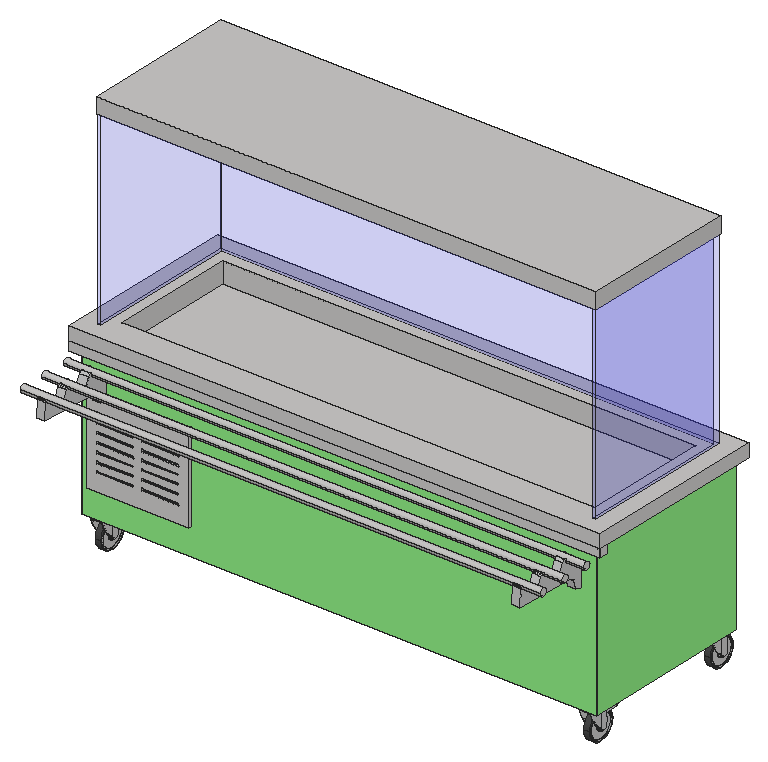
Revit family "QF_BOURGEAT_Self_5GN_et_6GN_vitrine_refrigeree_3nv", category Equipement spécialisé, Revit 2015 (continued)
Types (37, lengths in mm): name | reserve | profondeur_cuve | lg_vitrine | lg_porte_groupe_froid | cuve_plate | Roues | Puissance électrique  | Puissance frigorifique | Poids net à vide | Pieds | Modèle | Longueur hors tout | Intensité nominale | Etageres
  (no name) | yes | 90 | 2200 | 790 | yes | yes | 2700 W | "2126W" | 380.00 kg | no | "853496 + 854950" | 2335 | 11.7391 A | no
  6GN_baie_libre_cuve_plate | no | 0 | 2200 | 790 | yes | no | 2500 W | "2126W" | 380.00 kg | yes | "853106" | 2335 | 10.8696 A | no
  6GN_baie_libre_cuve90 | no | 90 | 2200 | 790 | no | no | 2500 W | "2126W" | 380.00 kg | yes | "853196" | 2335 | 10.8696 A | no
  6GN_reserve_cuve_plate | yes | 0 | 2200 | 790 | yes | no | 2700 W | "2126W" | 380.00 kg | yes | "853406" | 2335 | 11.7391 A | no
  6GN_reserve_cuve90 | yes | 90 | 2200 | 790 | no | no | 2700 W | "2126W" | 380.00 kg | yes | "853496" | 2335 | 11.7391 A | no
  6GN_baie_libre_cuve_plate_roues | no | 0 | 2200 | 790 | yes | yes | 2500 W | "2126W" | 380.00 kg | no | "853106 + 854950" | 2335 | 10.8696 A | no
  6GN_baie_libre_cuve90_roues | no | 90 | 2200 | 790 | no | yes | 2500 W | "2126W" | 380.00 kg | no | "853196 + 854950" | 2335 | 10.8696 A | no
  6GN_reserve_cuve_plate_roues | yes | 0 | 2200 | 790 | yes | yes | 2700 W | "2126W" | 380.00 kg | no | "853406 + 854950" | 2335 | 11.7391 A | no
  6GN_reserve_cuve90_roues | yes | 90 | 2200 | 790 | yes | yes | 2700 W | "2126W" | 380.00 kg | no | "853496 + 854950" | 2335 | 11.7391 A | no
  6GN_baie_libre_cuve_plate_etageres | no | 0 | 2200 | 790 | yes | no | 2500 W | "2126W" | 380.00 kg | yes | "853106 + 854926" | 2335 | 10.8696 A | yes
  6GN_baie_libre_cuve90_etageres | no | 90 | 2200 | 790 | no | no | 2500 W | "2126W" | 380.00 kg | yes | "853196 + 854926" | 2335 | 10.8696 A | yes
  6GN_baie_libre_cuve_plate_etageres_roues | no | 0 | 2200 | 790 | yes | yes | 2500 W | "2126W" | 380.00 kg | no | "853106 + 854926 + 854950" | 2335 | 10.8696 A | yes
  6GN_baie_libre_cuve90_etageres_roues | no | 90 | 2200 | 790 | no | yes | 2500 W | "2126W" | 380.00 kg | no | "853196 + 854926 + 854950" | 2335 | 10.8696 A | yes
  5GN_baie_libre_cuve_plate | no | 0 | 1875 | 591 | yes | no | 2400 W | "1440W" | 355.00 kg | yes | "853105" | 2010 | 10.4348 A | no
  5GN_reserve_cuve_plate | yes | 0 | 1875 | 591 | yes | no | 2500 W | "1727W" | 355.00 kg | yes | "853405" | 2010 | 10.8696 A | no
  5GN_baie_libre_cuve90 | no | 90 | 1875 | 591 | no | no | 2400 W | "1440W" | 355.00 kg | yes | "853195" | 2010 | 10.4348 A | no
  5GN_reserve_cuve90 | yes | 90 | 1875 | 591 | yes | no | 2500 W | "1727W" | 355.00 kg | yes | "853495" | 2010 | 10.8696 A | no
  5GN_baie_libre_cuve_plate_roues | no | 0 | 1875 | 591 | yes | yes | 2400 W | "1440W" | 355.00 kg | no | "853105 + 854950" | 2010 | 10.4348 A | no
  5GN_baie_libre_cuve90_roues | no | 90 | 1875 | 591 | no | yes | 2400 W | "1440W" | 355.00 kg | no | "853195 + 854950" | 2010 | 10.4348 A | no
  5GN_reserve_cuve_plate_roues | yes | 0 | 1875 | 591 | yes | no | 2500 W | "1727W" | 355.00 kg | yes | "853405" | 2010 | 10.8696 A | no
  5GN_reserve_cuve90_roues | yes | 90 | 1875 | 591 | no | yes | 2500 W | "1727W" | 355.00 kg | no | "853495 + 854950" | 2010 | 10.8696 A | no
  5GN_baie_libre_cuve_plate_etageres | no | 0 | 1875 | 591 | yes | no | 2400 W | "1440W" | 355.00 kg | yes | "853105 + 854925" | 2010 | 10.4348 A | yes
  5GN_baie_libre_cuve90_etageres | no | 90 | 1875 | 591 | no | no | 2400 W | "1440W" | 355.00 kg | yes | "853195 + 854925" | 2010 | 10.4348 A | yes
  5GN_baie_libre_cuve_plate_etageres_roues | no | 0 | 1875 | 591 | yes | yes | 2400 W | "1440W" | 355.00 kg | no | "853105 + 854925 + 854950" | 2010 | 10.4348 A | yes
  5GN_baie_libre_cuve90_etageres_roues | no | 90 | 1875 | 591 | no | yes | 2400 W | "1440W" | 355.00 kg | no | "853195 + 854925" | 2010 | 10.4348 A | yes
  5GN_baie_libre_cuve_30 | no | 30 | 1875 | 591 | yes | no | 2400 W | "1440W" | 355.00 kg | yes | "853205" | 2010 | 10.4348 A | no
  5GN_baie_libre_cuve_30_etageres | no | 30 | 1875 | 591 | yes | no | 2400 W | "1440W" | 355.00 kg | yes | "853205 + 854925" | 2010 | 10.4348 A | yes
  5GN_baie_libre_cuve_30_etageres_roues | no | 30 | 1875 | 591 | yes | yes | 2400 W | "1440W" | 355.00 kg | no | "853205 + 854925 + 854950" | 2010 | 10.4348 A | yes
  5GN_baie_libre_cuve_30_roues | no | 30 | 1875 | 591 | yes | yes | 2400 W | "1440W" | 355.00 kg | no | "853205 + 854950" | 2010 | 10.4348 A | no
  5GN_reserve_cuve_30 | yes | 30 | 1875 | 591 | yes | no | 2500 W | "1727W" | 355.00 kg | yes | "853605" | 2010 | 10.8696 A | no
  5GN_reserve_cuve_30_roues | yes | 30 | 1875 | 591 | yes | no | 2500 W | "1727W" | 355.00 kg | yes | "853605" | 2010 | 10.8696 A | no
  6GN_baie_libre_cuve_30 | no | 30 | 2200 | 790 | yes | no | 2500 W | "2126W" | 380.00 kg | yes | "853206" | 2335 | 10.8696 A | no
  6GN_baie_libre_cuve_30_etageres | no | 30 | 2200 | 790 | yes | no | 2500 W | "2126W" | 380.00 kg | yes | "853606 + 854926" | 2335 | 10.8696 A | yes
  6GN_baie_libre_cuve_30_etageres_roues | no | 30 | 2200 | 790 | yes | yes | 2500 W | "2126W" | 380.00 kg | no | "853206 + 854926 + 854950" | 2335 | 10.8696 A | yes
  6GN_baie_libre_cuve_30_roues | no | 30 | 2200 | 790 | yes | yes | 2500 W | "2126W" | 380.00 kg | no | "853206 + 854950" | 2335 | 10.8696 A | no
  6GN_reserve_cuve_30 | yes | 30 | 2200 | 790 | yes | no | 2700 W | "2126W" | 380.00 kg | yes | "853606" | 2335 | 11.7391 A | no
  6GN_reserve_cuve_30_roues | yes | 30 | 2200 | 790 | yes | yes | 2700 W | "2126W" | 380.00 kg | no | "853606 + 854950" | 2335 | 11.7391 A | no
